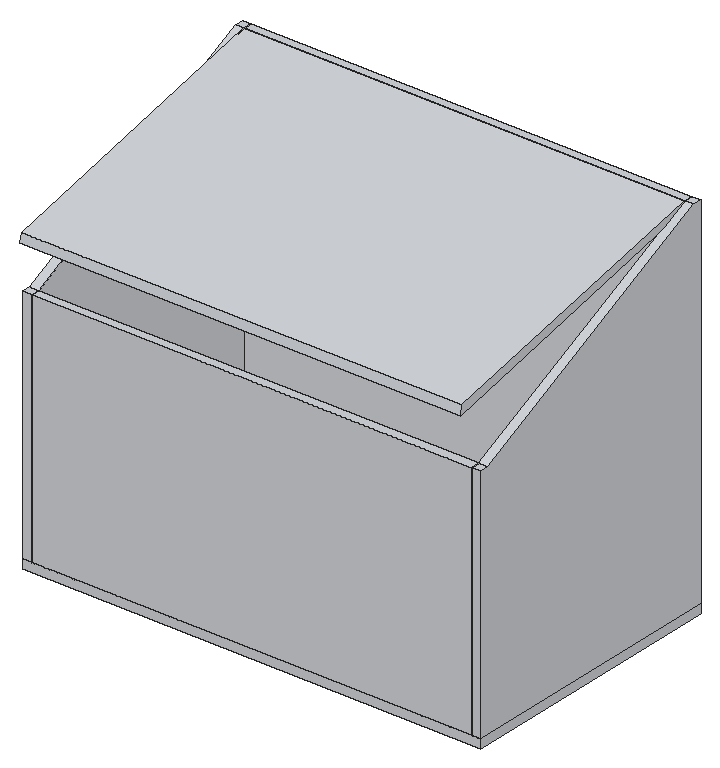
Revit family "Ларь для грязного белья", category Оборудование, Revit 2017
Family settings
  Размер круглого соединителя = Использовать диаметр
  Тип детали = Нормальный
  На основе рабочей плоскости = Нет
  Всегда вертикально = Да
  При загрузке вырезать с полостями = Нет
  Общий = Нет
  Точка расчета площади = Нет
Parameters (values of type "ЛБ")
  Общ_Ширина = 1050.0 mm
  Общ_Тип, марка = "ЛБ"
  Общ_Примечание = ""
  Общ_Поставщик = "Проммаш"
  Общ_Позиция = ""
  Общ_Наименование = "Ларь для грязного белья"
  Общ_Масса = ""
  Общ_Код продукции = ""
  Общ_Единицы измерения = "шт."
  Общ_Глубина = 630.0 mm
  Общ_Высота = 850.0 mm
  Keynote = ""
  Model = ""
Reference planes
  plane 1 "По центру (Вперед/Назад)": y = 0
  plane 2: z = 0
  plane 3 "По центру (Влево/Вправо)": x = 0
  plane 4: y = 315
  plane 5: y = -315
  plane 6: x = -525
  plane 7: x = 525
  plane 8: x = -505
  plane 9: x = 505
  plane 10: y = -295
  plane 11: y = 295
Forms (mm)
  Extrusion 1, solid
    sketch origin (0, 0, 0) x (1, 0, 0) y (0, 1, 0)
      loop
        line (-525, 315) -> (-525, -315) -> (525, -315) -> (525, 315) -> (-525, 315)
    from 0 to 20
  Extrusion 2, solid
    sketch origin (-525, 485, 0) x (0, 1, 0) y (0, 0, -1)
      loop
        line (-170, -20) -> (-800, -20) -> (-800, -570) -> (-780, -570) -> (-190, -850) -> (-170, -850) -> (-170, -20)
    from 0 to -20
  Extrusion 3, solid
    sketch origin (525, 505, 0) x (0, -1, 0) y (0, 0, -1)
      loop
        line (820, -20) -> (190, -20) -> (190, -850) -> (210, -850) -> (800, -570) -> (820, -570) -> (820, -20)
    from 0 to -20
  Extrusion 4, solid
    sketch origin (0, 0, 0) x (1, 0, 0) y (0, 1, 0)
      loop
        line (-505, -295) -> (-505, -315) -> (505, -315) -> (505, -295) -> (-505, -295)
    from 20 to 570
  Extrusion 5, solid
    sketch origin (0, 0, 0) x (1, 0, 0) y (0, 1, 0)
      loop
        line (-505, 315) -> (-505, 295) -> (505, 295) -> (505, 315) -> (-505, 315)
    from 20 to 850
  Extrusion 6, solid
    sketch origin (-505, 485, 0) x (0, -1, 0) y (0, 0, -1)
      loop
        line (190, -850) -> (827.865, -709.898) -> (832.364, -690.41) -> (194.499, -830.513) -> (190, -850)
    from 0 to 1010
Dimensions and locks
  "Общ_Глубина": plane 4 to plane 5
  equal spacing: plane 4, plane 1 "По центру (Вперед/Назад)", plane 5
  "Общ_Ширина": plane 6 to plane 7
  equal spacing: plane 6, plane 3 "По центру (Влево/Вправо)", plane 7
  plane 9 to plane 7 = 20.0 mm
  plane 6 to plane 8 = 20.0 mm
  plane 4 to plane 11 = 20.0 mm
  plane 10 to plane 5 = 20.0 mm
  aligned and locked: level to plane 2
  aligned and locked: Extrusion 2 to Extrusion 1
Automatic sketch dimensions
  Extrusion 1 sketch curve to plane 5 = 0.0 mm
  Extrusion 1 sketch curve to plane 4 = 0.0 mm
  Extrusion 1 sketch curve to plane 3 "По центру (Влево/Вправо)" = 525.0 mm
  plane 3 "По центру (Влево/Вправо)" to Extrusion 1 sketch curve = 525.0 mm
  Extrusion 2 sketch curve to plane 5 = 0.0 mm
  Extrusion 2 sketch curve to plane 4 = 0.0 mm
  plane 5 to Extrusion 2 sketch curve = 20.0 mm
  Extrusion 2 sketch curve to Extrusion 2 sketch curve = 20.0 mm
  level to Extrusion 2 sketch curve = 850.0 mm
  level to Extrusion 2 sketch curve = 570.0 mm
  level to Extrusion 2 sketch curve = 20.0 mm
  Extrusion 1 to Extrusion 3 sketch curve = 0.0 mm
  Extrusion 3 sketch curve to Extrusion 1 = 0.0 mm  (x2)
  Extrusion 1 to Extrusion 3 sketch curve = 20.0 mm
  Extrusion 3 sketch curve to Extrusion 3 sketch curve = 20.0 mm
  Extrusion 3 sketch curve to Extrusion 1 = 550.0 mm
  Extrusion 3 sketch curve to Extrusion 3 sketch curve = 280.0 mm
  Extrusion 4 sketch curve to plane 5 = 0.0 mm
  Extrusion 4 sketch curve to plane 3 "По центру (Влево/Вправо)" = 505.0 mm
  plane 3 "По центру (Влево/Вправо)" to Extrusion 4 sketch curve = 505.0 mm
  plane 5 to Extrusion 4 sketch curve = 20.0 mm
  Extrusion 5 sketch curve to plane 4 = 0.0 mm
  Extrusion 5 sketch curve to plane 4 = 20.0 mm
  Extrusion 5 sketch curve to plane 3 "По центру (Влево/Вправо)" = 505.0 mm
  plane 3 "По центру (Влево/Вправо)" to Extrusion 5 sketch curve = 505.0 mm
  Extrusion 6 sketch curve to Extrusion 2 = 0.0 mm  (x2)
  Extrusion 6 sketch curve to Extrusion 6 sketch curve = 4.499 mm  (x2)
  Extrusion 2 to Extrusion 6 sketch curve = 27.865 mm
  Extrusion 6 sketch curve to Extrusion 2 = 19.487 mm
  Extrusion 2 to Extrusion 6 sketch curve = 139.898 mm
  Extrusion 6 sketch curve to Extrusion 6 sketch curve = 19.487 mm
